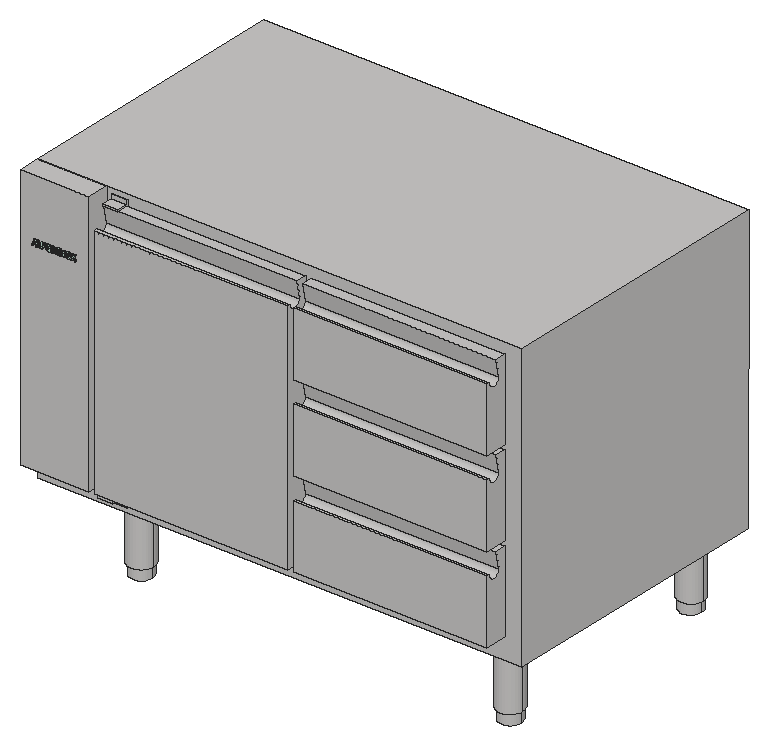
Revit family "QF_ALPENINOX_712614_AJ2R8AC", category Specialty Equipment, Revit 2018
Family settings
  Round Connector Dimension = Use Diameter
  Part Type = Normal
  Work Plane-Based = No
  Always vertical = Yes
  Cut with Voids When Loaded = No
  Shared = No
  Room Calculation Point = No
Parameters
  Weight = 0.00 kg
  Watts = 2.78709 W
  Volts = 220 V
  URL Manufacturer = "http://www.alpeninox.com"
  URL = "http://www.alpeninox.com"
  Steam Supply Size = 0 mm
  Steam Supply Minimum Pressure = 0.0 Pa
  Steam Supply Maximum Pressure = 0.0 Pa
  Steam Pounds per Hour = 0
  Refrigeration Suction Line Size = 0 mm
  Refrigeration Liquid Line Size = 0 mm
  Refrigerant Compressor Remote = yes
  Manufacturer = "Alpeninox"
  Phase = 1
  Model = "AJ2R8AC"
  Length Actual = 1103 mm  # constant formula
  Length = 1103 mm
  Item Number = "712614"
  Hot Water Size = 0 mm
  Height Actual = 800 mm  # constant formula
  Height = 650 mm
  HP = "0 HP"
  Gas Size = 0 mm
  Gas KW = 0
  Gas Input Pressure = 0 W
  Depth Actual = 700 mm  # constant formula
  Depth = 695 mm
  Description = "1 DOOR+3x1/3 DRAWER REF.TABLE -2C REM NO TOP"
  Cycle = 60 Hz
  Condensate Return Size = 0 mm
  Compressed Air Volume = 0.0 L/s
  Compressed Air Size = 0 mm
  Compressed Air Pressure = 0.0 Pa
  Cold Water Size = 0 mm
  Accessory = yes
Reference planes
  plane 1: z = 0
  plane 2 "Center (Left/Right)": x = -124.5
  plane 3 "Center (Front/Back)": y = 64.5
  plane 4 "FEET": z = 150
  plane 5 "TOP": z = 850
  plane 6 "PLAIN": z = 800
  plane 7 "EI_back": y = 359
  plane 8 "EI_left": x = -610
  plane 9 "BACK": y = 412
  plane 10 "FRONT": y = -283
  plane 11 "DOOR": y = -233
  plane 12 "LEFT": x = -676
  plane 13 "RIGHT": x = 427
  plane 14: x = -651
  plane 15: x = 402
  plane 16 "RO_left": x = -636
  plane 17 "RI_left": x = -584
  plane 18 "RO_back": y = 375.5
  plane 19 "RI_back": y = 375.5
  plane 20 "DRAINleft": x = -610
  plane 21 "DRAINback": y = 164
Forms (mm)
  Extrusion 1, solid, material "QF_Finishes_Stainless Steel"
    sketch origin (-1022.223, -1524, 150) x (-1, 0, 0) y (0, -1, 0)
      loop
        circle (-412.223, -1883) r 5
    from 0 to -40
  Extrusion 2, solid, material "QF_Finishes_Stainless Steel"
    sketch origin (-1022.223, -1524, 150) x (-1, 0, 0) y (0, -1, 0)
      loop
        circle (-386.223, -1899.5) r 4.25
    from 0 to -20
  Extrusion 3, solid, material "QF_Finishes_Stainless Steel"
    sketch origin (-1022.223, -1524, 150) x (-1, 0, 0) y (0, -1, 0)
      loop
        circle (-438.223, -1899.5) r 4
    from 0 to -20
  Extrusion 4, solid, material "QF_Finishes_Stainless Steel"
    sketch origin (-1022.223, -1524, 150) x (-1, 0, 0) y (0, -1, 0)
      loop
        circle (-412.223, -1688) r 8.5
    from 0 to -40
  Extrusion 5, solid, material "QF_Finishes_Stainless Steel"
    sketch origin (-1022.223, -1524, 150) x (-1, 0, 0) y (0, -1, 0)
      loop
        line (-346.223, -1936) -> (-346.223, -1291) -> (-1449.223, -1291) -> (-1449.223, -1936) -> (-346.223, -1936)
    from 0 to 650 <- "Height"
Lines and regions (mm)
  symbolic lines, style "SpecialityEquipmentHiddenLines"
    curve 1: line (-676, 412, 150) -> (427, 412, 150)
    curve 2: line (-676, -283, 150) -> (-676, 412, 150)
    curve 3: line (427, -283, 150) -> (-676, -283, 150)
    curve 4: line (427, 412, 150) -> (427, -283, 150)
    curve 5: line (-676, -233, 150) -> (427, -233, 150)
    curve 6: line (402, -233, 150) -> (402, -283, 150)
Dimensions and locks
  plane 4 "FEET" to level = 150 mm
  plane 11 "DOOR" to plane 10 "FRONT" = 50 mm
  "Height": plane 6 "PLAIN" to plane 4 "FEET"
  plane 5 "TOP" to plane 6 "PLAIN" = 50 mm
  plane 12 "LEFT" to plane 14 = 25 mm
  plane 15 to plane 13 "RIGHT" = 25 mm
  plane 9 "BACK" to plane 18 "RO_back" = 36.5 mm
  plane 9 "BACK" to plane 7 "EI_back" = 53 mm
  plane 9 "BACK" to plane 19 "RI_back" = 36.5 mm
  plane 9 "BACK" to plane 21 "DRAINback" = 248 mm
  plane 12 "LEFT" to plane 20 "DRAINleft" = 66 mm
  plane 12 "LEFT" to plane 8 "EI_left" = 66 mm
  plane 12 "LEFT" to plane 17 "RI_left" = 92 mm
  plane 12 "LEFT" to plane 16 "RO_left" = 40 mm
  "Depth": plane 9 "BACK" to plane 10 "FRONT"
  equal spacing: plane 9 "BACK", plane 3 "Center (Front/Back)", plane 10 "FRONT"
  "Length": plane 12 "LEFT" to plane 13 "RIGHT"
  equal spacing: plane 12 "LEFT", plane 2 "Center (Left/Right)", plane 13 "RIGHT"
  aligned and locked: level to plane 1
Automatic sketch dimensions
  Extrusion 1 sketch curve to plane 7 "EI_back" = 0 mm
  Extrusion 1 sketch curve to plane 8 "EI_left" = 0 mm
  Extrusion 2 sketch curve to plane 16 "RO_left" = 0 mm
  Extrusion 2 sketch curve to plane 18 "RO_back" = 0 mm
  Extrusion 3 sketch curve to plane 17 "RI_left" = 0 mm
  Extrusion 3 sketch curve to plane 19 "RI_back" = 0 mm
  Extrusion 4 sketch curve to plane 20 "DRAINleft" = 0 mm
  Extrusion 4 sketch curve to plane 21 "DRAINback" = 0 mm
  Extrusion 5 sketch curve to plane 9 "BACK" = 0 mm
  Extrusion 5 sketch curve to plane 13 "RIGHT" = 0 mm
  Extrusion 5 sketch curve to plane 11 "DOOR" = 0 mm
  Extrusion 5 sketch curve to plane 12 "LEFT" = 0 mm
  curve 1 to plane 13 "RIGHT" = 0 mm
  curve 6 to plane 15 = 0 mm
  curve 5 to plane 11 "DOOR" = 0 mm
  curve 5 to plane 12 "LEFT" = 0 mm
  curve 6 to plane 10 "FRONT" = 0 mm
  curve 1 to plane 9 "BACK" = 0 mm
  radius of Extrusion 1 sketch curve = 5 mm
  radius of Extrusion 2 sketch curve = 4.25 mm
  radius of Extrusion 3 sketch curve = 4 mm
  radius of Extrusion 4 sketch curve = 8.5 mm
Nested families
  nested 1: "Refrigerator" at (427, -283, 0), type "Refrigerator"
  nested 2: "FEET" at (-480, 331, 0), type "FEET"
  nested 3: "FEET" at (361, 331, 0), type "FEET"
  nested 4: "FEET" at (-480, -183, 0), type "FEET"
  nested 5: "FEET" at (361, -183, 0), type "FEET"
  nested 6: "APX_REM_TN_L_650" at (-519.08, -233, 548) x (1, 0, 0) z (0, -1, 0), type "APX_REM_TN_L_650"
    with Show Logo yes
  nested 7: "APX_SD_L_650" at (-286, -233, 458.88) x (1, 0, 0) z (0, -1, 0), type "APX_SD_L_650"
    with Show Clearance yes
  nested 8: "APX_THIRD_650" at (168, -233, 459.463) x (1, 0, 0) z (0, -1, 0), type "APX_THIRD_650"
    with Show Clearance yes
Connectors
  electrical at (-610, 359, 110), driven by "Volts"
    settings: on Extrusion 1, index 1, voltage 220 V, apparent load 0 VA, apparent load phase1 0 VA, apparent load phase2 0 VA, apparent load phase3 0 VA, power factor 1, load classification "Other", number of poles 1, system type 31, power factor state 1, is connector primary yes, connector utility no, sub classification motor no, connector description "Electrical Connection"
  piping at (-636, 375.5, 130)
    settings: on Extrusion 2, index 3, connector diameter 0 mm, connector inside diameter 609.6 mm, connector length 0 mm, flow factor 0, pipe flow 0.0 L/s, pressure drop 0.0 Pa, fitting loss kfactor 0, connector angle 0.00°, fixture units 0, engagement length 0 mm, angle of deflection 0.00°, flow configuration 1, flow direction 2, fitting loss method 0, system type 8, joint type 0, gender type 0, connector reference index -1, connector utility 0, adjustable connector no, is connector primary yes, connector description "Refrigerant Outlet"
  piping at (-584, 375.5, 130)
    settings: on Extrusion 3, index 4, connector diameter 0 mm, connector inside diameter 609.6 mm, connector length 0 mm, flow factor 0, pipe flow 0.0 L/s, pressure drop 0.0 Pa, fitting loss kfactor 0, connector angle 0.00°, fixture units 0, engagement length 0 mm, angle of deflection 0.00°, flow configuration 1, flow direction 1, fitting loss method 0, system type 7, joint type 0, gender type 0, connector reference index -1, connector utility 0, adjustable connector no, is connector primary no, connector description "Refrigerant Inlet"
  piping at (-610, 164, 110), diameter 17
    settings: on Extrusion 4, index 5, connector inside diameter 609.6 mm, connector length 0 mm, flow factor 0, pipe flow 0.0 L/s, pressure drop 0.0 Pa, fitting loss kfactor 0, connector angle 0.00°, fixture units 0, engagement length 0 mm, angle of deflection 0.00°, flow configuration 1, flow direction 2, fitting loss method 0, system type 16, joint type 0, gender type 0, connector reference index -1, connector utility 0, adjustable connector no, is connector primary no, connector description "Drain"
Definition of nested family "FEET"
  Parameters
    FEET = 150 mm
  Reference planes
    plane 1 "Center (Front/Back)": y = 0
    plane 2: z = 0
    plane 3 "Center (Left/Right)": x = 0
    plane 4: z = 150
  Forms (mm)
    Revolve 1, solid
      sketch origin (255.05, 0, 608.09) x (0, 0, 1) y (-1, 0, 0)
        loop
          line (-608.09, 255.05) -> (-608.09, 230.05) -> (-583.09, 230.05) -> (-583.09, 226.05) -> (-458.09, 226.05) -> (-458.09, 255.05) -> (-608.09, 255.05)
        axis (-608.09, 255.05) -> (-458.09, 255.05)
      angle from 0 to 360
  Dimensions and locks
    locked: Revolve 1 sketch curve to Revolve 1 sketch curve at 125
    "FEET": plane 4 to plane 2
    aligned and locked: level to plane 2
    aligned and locked: plane 4 to Revolve 1 sketch curve
    aligned and locked: Revolve 1 sketch curve to level
    aligned and locked: plane 3 "Center (Left/Right)" to Revolve 1 sketch curve
  Automatic sketch dimensions
    Revolve 1 sketch curve to plane 3 "Center (Left/Right)" = 0 mm
    Revolve 1 sketch curve to Revolve 1 sketch curve = 25 mm
    Revolve 1 sketch curve to Revolve 1 sketch curve = 29 mm
    plane 4 to Revolve 1 sketch curve = 50 mm
    Revolve 1 sketch curve to Revolve 1 sketch curve = 20 mm
Definition of nested family "APX_REM_TN_L_650"
  Parameters
    Show Logo [instance] = yes
    Default Elevation = 1219.2 mm
  Reference planes
    plane 1 "Centro (Fronte/Retro)": y = -49
    plane 2: z = 0
    plane 3 "Centro (Sinistra/Destra)": x = -78.92
  Forms (mm)
    Extrusion 1, solid
      sketch origin (0, 0, 0) x (1, 0, 0) y (0, 1, 0)
        loop
          line (-1219.2, 1219.2) -> (-1219.2, -1219.2) -> (1219.2, -1219.2) -> (1219.2, 1219.2) -> (-1219.2, 1219.2)
      from 0 to -304.8
    Extrusion 2, solid
      sketch origin (0, 0, 0) x (1, 0, 0) y (0, 1, 0)
        loop
          line (-156.92, 252) -> (-156.92, -350) -> (-0.92, -350) -> (-0.92, 252) -> (-156.92, 252)
      from 0 to 50
    Extrusion 3, solid
      sketch origin (43.141, -49.023, 0) x (1, 0, 0) y (0, 1, 0)
        loop
          line (-168.675, 170.349) -> (-172.411, 160.318)
          arc (-172.411, 160.318) -> (-171.624, 158.497) -> (-169.837, 159.36) r 1.374
          line (-169.837, 159.36) -> (-169.268, 161.111) -> (-164.1, 161.111) -> (-163.54, 159.379)
          arc (-163.54, 159.379) -> (-161.802, 158.542) -> (-161.049, 160.318) r 1.333
          line (-161.049, 160.318) -> (-164.694, 170.349)
          arc (-164.694, 170.349) -> (-166.685, 171.876) -> (-168.675, 170.349) r 2.06
        loop
          line (-166.681, 169.055) -> (-168.469, 163.655) -> (-164.935, 163.655) -> (-166.681, 169.055)
        loop
          arc (-159.705, 160.042) -> (-159.262, 158.973) -> (-158.194, 158.531) r 1.512
          line (-158.194, 158.531) -> (-153.608, 158.531)
          arc (-153.608, 158.531) -> (-152.337, 159.802) -> (-153.608, 161.074) r 1.272
          line (-153.608, 161.074) -> (-156.917, 161.074) -> (-156.917, 170.328)
          arc (-156.917, 170.328) -> (-158.311, 171.722) -> (-159.705, 170.328) r 1.394
          line (-159.705, 170.328) -> (-159.705, 160.042)
        loop
          line (-151.076, 170.218) -> (-151.076, 159.859)
          arc (-151.076, 159.859) -> (-149.683, 158.466) -> (-148.29, 159.859) r 1.393
          line (-148.29, 159.859) -> (-148.29, 162.882) -> (-146.225, 162.882)
          arc (-146.225, 162.882) -> (-142.999, 163.859) -> (-141.608, 166.928) r 4.082
          arc (-141.608, 166.928) -> (-142.993, 170.272) -> (-146.336, 171.657) r 4.728
          line (-146.336, 171.657) -> (-149.638, 171.657)
          arc (-149.638, 171.657) -> (-150.655, 171.235) -> (-151.076, 170.218) r 1.439
        loop
          line (-148.29, 165.313) -> (-146.388, 165.313)
          arc (-146.388, 165.313) -> (-144.433, 167.268) -> (-146.388, 169.222) r 1.955
          line (-146.388, 169.222) -> (-148.29, 169.222) -> (-148.29, 165.313)
        loop
          arc (-131.184, 166.332) -> (-132.004, 168.2) -> (-133.767, 169.228) r 3.3
          arc (-133.767, 169.228) -> (-136.353, 168.661) -> (-137.611, 166.332) r 3.176
          line (-137.611, 166.332) -> (-131.184, 166.332)
        loop
          line (-137.538, 163.743) -> (-130.544, 163.743)
          arc (-130.544, 163.743) -> (-129.292, 163.916) -> (-128.301, 164.701) r 2.4
          arc (-128.301, 164.701) -> (-128.155, 165.545) -> (-128.212, 166.399) r 3.635
          arc (-128.212, 166.399) -> (-130.364, 170.162) -> (-134.39, 171.769) r 6.579
          arc (-134.39, 171.769) -> (-138.918, 169.706) -> (-140.661, 165.044) r 6.501
          arc (-140.661, 165.044) -> (-139.276, 160.789) -> (-135.401, 158.549) r 6.252
          arc (-135.401, 158.549) -> (-132.922, 158.526) -> (-130.544, 159.232) r 8.361
          arc (-130.544, 159.232) -> (-129.466, 159.781) -> (-128.641, 160.666) r 3.486
          arc (-128.641, 160.666) -> (-128.419, 161.592) -> (-128.828, 162.451) r 1.425
          arc (-128.828, 162.451) -> (-129.368, 162.762) -> (-129.99, 162.762) r 1.203
          arc (-129.99, 162.762) -> (-130.406, 162.59) -> (-130.764, 162.316) r 1.724
          arc (-130.764, 162.316) -> (-131.666, 161.705) -> (-132.646, 161.229) r 7.6
          arc (-132.646, 161.229) -> (-135.676, 161.35) -> (-137.538, 163.743) r 3.6
        loop
          line (-126.669, 170.328) -> (-126.669, 159.859)
          arc (-126.669, 159.859) -> (-125.273, 158.463) -> (-123.878, 159.859) r 1.396
          line (-123.878, 159.859) -> (-123.878, 166.785) -> (-117.946, 159.029)
          arc (-117.946, 159.029) -> (-116.361, 158.51) -> (-115.379, 159.859) r 1.417
          line (-115.379, 159.859) -> (-115.379, 170.328)
          arc (-115.379, 170.328) -> (-116.774, 171.723) -> (-118.169, 170.328) r 1.395
          line (-118.169, 170.328) -> (-118.169, 163.311) -> (-124.101, 171.157)
          arc (-124.101, 171.157) -> (-125.687, 171.678) -> (-126.669, 170.328) r 1.418
        loop
          arc (-113.636, 159.859) -> (-112.241, 158.464) -> (-110.847, 159.859) r 1.394
          line (-110.847, 159.859) -> (-110.847, 170.328)
          arc (-110.847, 170.328) -> (-112.241, 171.723) -> (-113.636, 170.328) r 1.394
          line (-113.636, 170.328) -> (-113.636, 159.859)
        loop
          line (-109.102, 170.328) -> (-109.102, 159.859)
          arc (-109.102, 159.859) -> (-107.706, 158.463) -> (-106.31, 159.859) r 1.396
          line (-106.31, 159.859) -> (-106.31, 166.785) -> (-100.378, 159.029)
          arc (-100.378, 159.029) -> (-98.793, 158.51) -> (-97.812, 159.859) r 1.417
          line (-97.812, 159.859) -> (-97.812, 170.328)
          arc (-97.812, 170.328) -> (-99.207, 171.723) -> (-100.602, 170.328) r 1.395
          line (-100.602, 170.328) -> (-100.602, 163.311) -> (-106.533, 171.157)
          arc (-106.533, 171.157) -> (-108.119, 171.678) -> (-109.102, 170.328) r 1.418
        loop
          arc (-96.345, 165.093) -> (-95.619, 161.877) -> (-93.467, 159.379) r 6.806
          arc (-93.467, 159.379) -> (-91.792, 158.566) -> (-89.948, 158.31) r 5.956
          arc (-89.948, 158.31) -> (-88.104, 158.566) -> (-86.43, 159.379) r 5.956
          arc (-86.43, 159.379) -> (-84.277, 161.877) -> (-83.551, 165.093) r 6.806
          arc (-83.551, 165.093) -> (-84.277, 168.31) -> (-86.43, 170.808) r 6.806
          arc (-86.43, 170.808) -> (-88.104, 171.621) -> (-89.948, 171.877) r 5.956
          arc (-89.948, 171.877) -> (-91.792, 171.621) -> (-93.467, 170.808) r 5.956
          arc (-93.467, 170.808) -> (-95.619, 168.31) -> (-96.345, 165.093) r 6.806
        loop
          arc (-93.425, 165.093) -> (-93.138, 163.212) -> (-92.081, 161.629) r 4.387
          arc (-92.081, 161.629) -> (-91.087, 161.049) -> (-89.948, 160.881) r 3.035
          arc (-89.948, 160.881) -> (-88.809, 161.049) -> (-87.815, 161.629) r 3.035
          arc (-87.815, 161.629) -> (-86.759, 163.212) -> (-86.472, 165.093) r 4.387
          arc (-86.472, 165.093) -> (-86.759, 166.975) -> (-87.815, 168.558) r 4.387
          arc (-87.815, 168.558) -> (-88.809, 169.138) -> (-89.948, 169.306) r 3.035
          arc (-89.948, 169.306) -> (-91.087, 169.138) -> (-92.081, 168.558) r 3.035
          arc (-92.081, 168.558) -> (-93.138, 166.975) -> (-93.425, 165.093) r 4.387
        loop
          line (-82.843, 169.609) -> (-79.829, 165.552) -> (-83.513, 160.652)
          arc (-83.513, 160.652) -> (-83.216, 158.692) -> (-81.262, 159.029) r 1.388
          line (-81.262, 159.029) -> (-78.213, 163.232) -> (-75.164, 159.029)
          arc (-75.164, 159.029) -> (-73.211, 158.692) -> (-72.913, 160.652) r 1.388
          line (-72.913, 160.652) -> (-76.597, 165.552) -> (-73.584, 169.609)
          arc (-73.584, 169.609) -> (-73.952, 171.597) -> (-75.908, 171.084) r 1.38
          line (-75.908, 171.084) -> (-78.213, 167.841) -> (-80.519, 171.084)
          arc (-80.519, 171.084) -> (-82.474, 171.597) -> (-82.843, 169.609) r 1.38
      from 50 to 51.6
  Lines and regions (mm)
    Split face 1
      outline origin (0, 0, 50) x (1, 0, 0) y (0, 1, 0)
        loop
          line (-0.92, 188) -> (-156.92, 188)
    Split face 2
      outline origin (0, 0, 50) x (1, 0, 0) y (0, 1, 0)
        loop
          line (-156.92, 178) -> (-0.92, 178)
    Split face 3
      outline origin (0, 0, 50) x (1, 0, 0) y (0, 1, 0)
        loop
          line (-0.92, 104) -> (-156.92, 104)
    Split face 4
      outline origin (0, 0, 50) x (1, 0, 0) y (0, 1, 0)
        loop
          line (-0.92, 94) -> (-156.92, 94)
    Split face 5
      outline origin (0, 0, 50) x (1, 0, 0) y (0, 1, 0)
        loop
          line (-108.92, 163.931) -> (-108.92, 134.412) -> (-48.92, 134.412) -> (-48.92, 163.931) -> (-108.92, 163.931)
    Split face 6
      outline origin (0, 0, 50) x (1, 0, 0) y (0, 1, 0)
        loop
          line (-68.92, 160.931) -> (-68.92, 137.412) -> (-51.92, 137.412) -> (-51.92, 160.931) -> (-68.92, 160.931)
    symbolic lines
      curve 1: line (-2, -49, 50) -> (-2, -49, 0)
  Dimensions and locks
    equal spacing: Extrusion 2, plane 3 "Centro (Sinistra/Destra)", Extrusion 2
    equal spacing: Extrusion 2, plane 1 "Centro (Fronte/Retro)", Extrusion 2
    Extrusion 2 to Extrusion 2 = 156 mm
    aligned and locked: plane 2 to Extrusion 1
    aligned and locked: level to Extrusion 1
  Automatic sketch dimensions
    curve 1 to level = 0 mm
    plane 3 "Centro (Sinistra/Destra)" to curve 1 = 76.92 mm
    curve 1 to curve 1 = 50 mm
    Extrusion 1 sketch curve to Extrusion 1 sketch curve = 2438.4 mm  (x2)
    Extrusion 2 sketch curve to plane 3 "Centro (Sinistra/Destra)" = 78 mm
    plane 3 "Centro (Sinistra/Destra)" to Extrusion 2 sketch curve = 78 mm
    plane 1 "Centro (Fronte/Retro)" to Extrusion 2 sketch curve = 301 mm
    Extrusion 2 sketch curve to plane 1 "Centro (Fronte/Retro)" = 301 mm
    Extrusion 3 sketch curve to plane 3 "Centro (Sinistra/Destra)" = 50.35 mm
    Extrusion 3 sketch curve to Extrusion 3 sketch curve = 1.266 mm
    Extrusion 3 sketch curve to Extrusion 3 sketch curve = 1.307 mm
    Extrusion 3 sketch curve to Extrusion 3 sketch curve = 0.57 mm
    Extrusion 3 sketch curve to Extrusion 3 sketch curve = 0.593 mm
    Extrusion 3 sketch curve to Extrusion 3 sketch curve = 0.799 mm
    Extrusion 3 sketch curve to Extrusion 3 sketch curve = 1.99 mm  (x2)
    Extrusion 3 sketch curve to Extrusion 3 sketch curve = 0.003 mm
    Extrusion 3 sketch curve to Extrusion 3 sketch curve = 3.534 mm
    Extrusion 3 sketch curve to Extrusion 3 sketch curve = 0.835 mm
    Extrusion 3 sketch curve to Extrusion 3 sketch curve = 0.56 mm
    Extrusion 3 sketch curve to Extrusion 3 sketch curve = 1.268 mm
    Extrusion 3 sketch curve to Extrusion 3 sketch curve = 1.223 mm
    Extrusion 3 sketch curve to Extrusion 3 sketch curve = 1.344 mm
    Extrusion 3 sketch curve to Extrusion 3 sketch curve = 1.394 mm  (x2)
    Extrusion 3 sketch curve to Extrusion 3 sketch curve = 1.512 mm
    Extrusion 3 sketch curve to Extrusion 3 sketch curve = 3.309 mm
    Extrusion 3 sketch curve to Extrusion 3 sketch curve = 5.841 mm
    Extrusion 3 sketch curve to Extrusion 3 sketch curve = 1.393 mm
    Extrusion 3 sketch curve to Extrusion 3 sketch curve = 1.439 mm
    Extrusion 3 sketch curve to Extrusion 3 sketch curve = 0 mm  (x19)
    Extrusion 3 sketch curve to Extrusion 3 sketch curve = 1.902 mm
    Extrusion 3 sketch curve to Extrusion 3 sketch curve = 0.052 mm
    Extrusion 3 sketch curve to Extrusion 3 sketch curve = 2.065 mm
    Extrusion 3 sketch curve to Extrusion 3 sketch curve = 0.647 mm
    Extrusion 3 sketch curve to Extrusion 3 sketch curve = 8.079 mm
    Extrusion 3 sketch curve to Extrusion 3 sketch curve = 0.073 mm
    Extrusion 3 sketch curve to Extrusion 3 sketch curve = 2.145 mm
    Extrusion 3 sketch curve to Extrusion 3 sketch curve = 2.931 mm
    Extrusion 3 sketch curve to Extrusion 3 sketch curve = 0.213 mm
    Extrusion 3 sketch curve to Extrusion 3 sketch curve = 0.026 mm
    Extrusion 3 sketch curve to Extrusion 3 sketch curve = 0.263 mm
    Extrusion 3 sketch curve to Extrusion 3 sketch curve = 0.516 mm
    Extrusion 3 sketch curve to Extrusion 3 sketch curve = 0.356 mm
    Extrusion 3 sketch curve to Extrusion 3 sketch curve = 0.387 mm
    Extrusion 3 sketch curve to Extrusion 3 sketch curve = 2.378 mm
    Extrusion 3 sketch curve to Extrusion 3 sketch curve = 2.466 mm
    Extrusion 3 sketch curve to Extrusion 3 sketch curve = 0.602 mm
    Extrusion 3 sketch curve to Extrusion 3 sketch curve = 1.02 mm
    Extrusion 3 sketch curve to Extrusion 3 sketch curve = 0.949 mm
    Extrusion 3 sketch curve to Extrusion 3 sketch curve = 1.728 mm
    Extrusion 3 sketch curve to Extrusion 3 sketch curve = 0.157 mm  (x2)
    Extrusion 3 sketch curve to Extrusion 3 sketch curve = 0.292 mm
    Extrusion 3 sketch curve to plane 3 "Centro (Sinistra/Destra)" = 4.608 mm
    Extrusion 3 sketch curve to Extrusion 3 sketch curve = 1.396 mm  (x2)
    Extrusion 3 sketch curve to Extrusion 3 sketch curve = 1.418 mm  (x2)
    Extrusion 3 sketch curve to Extrusion 3 sketch curve = 1.151 mm  (x2)
    plane 3 "Centro (Sinistra/Destra)" to Extrusion 3 sketch curve = 3.891 mm
    plane 3 "Centro (Sinistra/Destra)" to Extrusion 3 sketch curve = 4.115 mm
    Extrusion 3 sketch curve to Extrusion 3 sketch curve = 1.149 mm  (x2)
    Extrusion 3 sketch curve to Extrusion 3 sketch curve = 1.395 mm  (x2)
    Extrusion 3 sketch curve to Extrusion 3 sketch curve = 1.744 mm
    Extrusion 3 sketch curve to Extrusion 3 sketch curve = 1.745 mm
    Extrusion 3 sketch curve to Extrusion 3 sketch curve = 5.709 mm
    Extrusion 3 sketch curve to Extrusion 3 sketch curve = 0.224 mm
    Extrusion 3 sketch curve to Extrusion 3 sketch curve = 6.963 mm
    Extrusion 3 sketch curve to Extrusion 3 sketch curve = 0.493 mm  (x3)
    Extrusion 3 sketch curve to Extrusion 3 sketch curve = 0.273 mm  (x2)
    Extrusion 3 sketch curve to Extrusion 3 sketch curve = 0.021 mm  (x2)
    Extrusion 3 sketch curve to Extrusion 3 sketch curve = 0.226 mm  (x2)
    Extrusion 3 sketch curve to Extrusion 3 sketch curve = 0.268 mm  (x2)
    Extrusion 3 sketch curve to Extrusion 3 sketch curve = 0.294 mm
    Extrusion 3 sketch curve to Extrusion 3 sketch curve = 5.534 mm
    Extrusion 3 sketch curve to Extrusion 3 sketch curve = 6.205 mm
    Extrusion 3 sketch curve to Extrusion 3 sketch curve = 1.109 mm  (x2)
    Extrusion 3 sketch curve to Extrusion 3 sketch curve = 1.108 mm  (x2)
    Extrusion 3 sketch curve to Extrusion 3 sketch curve = 1.142 mm  (x2)
    Extrusion 3 sketch curve to Extrusion 3 sketch curve = 1.216 mm  (x2)
    Extrusion 3 sketch curve to Extrusion 3 sketch curve = 3.013 mm
    Extrusion 3 sketch curve to Extrusion 3 sketch curve = 1.616 mm  (x3)
    Extrusion 3 sketch curve to Extrusion 3 sketch curve = 2.305 mm
    Extrusion 3 sketch curve to Extrusion 3 sketch curve = 3.049 mm
    Extrusion 3 sketch curve to plane 1 "Centro (Fronte/Retro)" = 158.508 mm
    Extrusion 3 sketch curve to Extrusion 3 sketch curve = 0.498 mm
    Extrusion 3 sketch curve to Extrusion 3 sketch curve = 0.682 mm
    Extrusion 3 sketch curve to Extrusion 3 sketch curve = 0.664 mm
    Extrusion 3 sketch curve to Extrusion 3 sketch curve = 0.425 mm
    Extrusion 3 sketch curve to Extrusion 3 sketch curve = 0.41 mm
    Extrusion 3 sketch curve to Extrusion 3 sketch curve = 1.272 mm
    Extrusion 3 sketch curve to Extrusion 3 sketch curve = 0.789 mm  (x2)
    Extrusion 3 sketch curve to Extrusion 3 sketch curve = 0.056 mm
    Extrusion 3 sketch curve to Extrusion 3 sketch curve = 0.83 mm
    Extrusion 3 sketch curve to Extrusion 3 sketch curve = 1.238 mm
    Extrusion 3 sketch curve to Extrusion 3 sketch curve = 1.732 mm
    Extrusion 3 sketch curve to Extrusion 3 sketch curve = 0.346 mm
    Extrusion 3 sketch curve to Extrusion 3 sketch curve = 1.123 mm
    Extrusion 3 sketch curve to Extrusion 3 sketch curve = 3.023 mm
    Extrusion 3 sketch curve to Extrusion 3 sketch curve = 4.203 mm
    Extrusion 3 sketch curve to Extrusion 3 sketch curve = 3.452 mm  (x2)
    Extrusion 3 sketch curve to Extrusion 3 sketch curve = 2.544 mm
    Extrusion 3 sketch curve to Extrusion 3 sketch curve = 1.177 mm
    Extrusion 3 sketch curve to Extrusion 3 sketch curve = 3.261 mm
    Extrusion 3 sketch curve to Extrusion 3 sketch curve = 0.352 mm  (x2)
    Extrusion 3 sketch curve to Extrusion 3 sketch curve = 1.987 mm
    Extrusion 3 sketch curve to Extrusion 3 sketch curve = 0.171 mm
    Extrusion 3 sketch curve to Extrusion 3 sketch curve = 0.533 mm  (x3)
    Extrusion 3 sketch curve to Extrusion 3 sketch curve = 0.14 mm  (x4)
    Extrusion 3 sketch curve to Extrusion 3 sketch curve = 0.473 mm
    Extrusion 3 sketch curve to Extrusion 3 sketch curve = 0.31 mm  (x2)
    Extrusion 3 sketch curve to Extrusion 3 sketch curve = 0.075 mm
    Extrusion 3 sketch curve to Extrusion 3 sketch curve = 2.431 mm
    Extrusion 3 sketch curve to Extrusion 3 sketch curve = 2.32 mm  (x2)
    Extrusion 3 sketch curve to Extrusion 3 sketch curve = 1.992 mm
    Extrusion 3 sketch curve to Extrusion 3 sketch curve = 0.674 mm
    Extrusion 3 sketch curve to Extrusion 3 sketch curve = 0.732 mm
    Extrusion 3 sketch curve to Extrusion 3 sketch curve = 0.388 mm
    Extrusion 3 sketch curve to Extrusion 3 sketch curve = 0.121 mm
    Extrusion 3 sketch curve to Extrusion 3 sketch curve = 2.589 mm
    Extrusion 3 sketch curve to Extrusion 3 sketch curve = 0.662 mm
    Extrusion 3 sketch curve to Extrusion 3 sketch curve = 3.473 mm
    Extrusion 3 sketch curve to Extrusion 3 sketch curve = 0.681 mm
    Extrusion 3 sketch curve to Extrusion 3 sketch curve = 1.615 mm
    Extrusion 3 sketch curve to Extrusion 3 sketch curve = 0.34 mm
    Extrusion 3 sketch curve to Extrusion 3 sketch curve = 2.288 mm
    Extrusion 3 sketch curve to Extrusion 3 sketch curve = 0.942 mm
    Extrusion 3 sketch curve to Extrusion 3 sketch curve = 5.4 mm
    Extrusion 3 sketch curve to Extrusion 3 sketch curve = 1.768 mm  (x2)
    Extrusion 3 sketch curve to Extrusion 3 sketch curve = 0.761 mm
    Extrusion 3 sketch curve to Extrusion 3 sketch curve = 0.996 mm
    Extrusion 3 sketch curve to Extrusion 3 sketch curve = 3.543 mm  (x2)
    Extrusion 3 sketch curve to Extrusion 3 sketch curve = 7.017 mm
    Extrusion 3 sketch curve to Extrusion 3 sketch curve = 0.11 mm
    Extrusion 3 sketch curve to Extrusion 3 sketch curve = 0.823 mm  (x2)
    Extrusion 3 sketch curve to Extrusion 3 sketch curve = 0.947 mm
    Extrusion 3 sketch curve to Extrusion 3 sketch curve = 3.837 mm
    Extrusion 3 sketch curve to Extrusion 3 sketch curve = 0.623 mm
    Extrusion 3 sketch curve to Extrusion 3 sketch curve = 1.082 mm
    Extrusion 3 sketch curve to Extrusion 3 sketch curve = 0.801 mm
    Extrusion 3 sketch curve to Extrusion 3 sketch curve = 1 mm
    Extrusion 3 sketch curve to Extrusion 3 sketch curve = 0.089 mm
    Extrusion 3 sketch curve to Extrusion 3 sketch curve = 4.257 mm
    Extrusion 3 sketch curve to Extrusion 3 sketch curve = 4.345 mm  (x2)
    Extrusion 3 sketch curve to Extrusion 3 sketch curve = 2.576 mm
    Extrusion 3 sketch curve to Extrusion 3 sketch curve = 1.385 mm  (x4)
    Extrusion 3 sketch curve to Extrusion 3 sketch curve = 2.133 mm  (x4)
    Extrusion 3 sketch curve to Extrusion 3 sketch curve = 3.518 mm
    Extrusion 3 sketch curve to Extrusion 3 sketch curve = 5.603 mm
    Extrusion 3 sketch curve to Extrusion 3 sketch curve = 2.571 mm
    Split face 1 sketch curve to Extrusion 2 = 0 mm  (x2)
    Split face 1 sketch curve to Extrusion 2 = 64 mm
    Split face 2 sketch curve to Extrusion 2 = 0 mm
    Split face 2 sketch curve to Extrusion 2 = 74 mm
    Extrusion 2 to Split face 2 sketch curve = 0 mm
    Split face 3 sketch curve to Extrusion 2 = 0 mm  (x2)
    Split face 3 sketch curve to Extrusion 2 = 148 mm
    Split face 4 sketch curve to Extrusion 2 = 0 mm  (x2)
    Split face 4 sketch curve to Extrusion 2 = 158 mm
    Split face 5 sketch curve to Extrusion 2 = 48 mm  (x2)
    Split face 5 sketch curve to Extrusion 2 = 117.588 mm
    Split face 5 sketch curve to Split face 5 sketch curve = 29.518 mm
    Split face 6 sketch curve to Extrusion 2 = 68 mm
    Split face 6 sketch curve to Split face 6 sketch curve = 17 mm
    Split face 6 sketch curve to Extrusion 2 = 114.588 mm
    Split face 6 sketch curve to Split face 6 sketch curve = 23.518 mm
Definition of nested family "APX_SD_L_650"
  Parameters
    Show Clearance [instance] = yes
    Default Elevation = 1219.2 mm
  Reference planes
    plane 1 "Center (Front/Back)": y = 28.12
    plane 2: z = 0
    plane 3 "Center (Left/Right)": x = 0
    plane 4: x = -234
    plane 5: x = 234
  Forms (mm)
    Extrusion 1, solid
      sketch origin (0, 0, 0) x (1, 0, 0) y (0, 1, 0)
        loop
          line (-1219.2, 1219.2) -> (-1219.2, -1219.2) -> (1219.2, -1219.2) -> (1219.2, 1219.2) -> (-1219.2, 1219.2)
      from 0 to -304.8
    Extrusion 2, solid
      sketch origin (0, 53.12, -3) x (0, 1, 0) y (0, 0, 1)
        loop
          line (-314, 53) -> (-314, 3) -> (264, 3) -> (264, 29) -> (224.395, 20)
          arc (224.395, 20) -> (210.396, 33.803) -> (224, 47.994) r 14
          line (224, 47.994) -> (224, 53) -> (-314, 53)
      from -220 to 220
    Extrusion 3, solid
      sketch origin (0, 53.12, 0) x (0, 1, 0) y (0, 0, -1)
        loop
          line (-323.003, -40.312) -> (-323.003, -12.259) -> (-323.003, 0) -> (-351.511, 0) -> (-351.511, -2.5) -> (-325.503, -2.5) -> (-325.503, -42.812) -> (-316.501, -42.812) -> (-316.501, -40.312) -> (-323.003, -40.312)
        loop
          line (-314, -38.311) -> (-314, -11.804) -> (-319.752, -11.804) -> (-319.752, -14.304) -> (-316.501, -14.304) -> (-316.501, -38.311) -> (-314, -38.311)
        loop
          line (265.003, -27.948) -> (267.503, -27.948) -> (267.503, -2.5) -> (277.503, -2.5) -> (277.503, 0) -> (265.003, 0) -> (265.003, -2.948) -> (265.003, -27.948)
      from 185 to 220
    Extrusion 4, solid, visible <- "Show Clearance", detail levels coarse
      sketch origin (0, 28.12, -3) x (-1, 0, 0) y (0, 0, -1)
        loop
          line (220, -53) -> (-220, -53)
          arc (-220, -53) -> (-79.636, -340.04) -> (220, -451) r 430
          line (220, -451) -> (220, -53)
      from -289 to 289
  Lines and regions (mm)
    symbolic lines
      curve 1: arc (219.599, 0, 55) -> (95.934, 0, 321.503) -> (-170, 0, 446.39) r 430
      curve 2: line (-220, 0, 55) -> (-220, 0, 448)
      curve 3: line (-170, 0, 55) -> (-170, 0, 448)
      curve 4: line (-220, 0, 448) -> (-170, 0, 448)
  Dimensions and locks
    plane 4 to plane 3 "Center (Left/Right)" to plane 5 = 234 mm locked, 234 mm locked
    aligned and locked: plane 2 to Extrusion 1
    aligned and locked: level to Extrusion 1
Definition of nested family "APX_THIRD_650"
  Parameters
    Show Clearance [instance] = yes
    Default Elevation = 1219.2 mm
  Reference planes
    plane 1 "Center (Front/Back)": y = 27.537
    plane 2: z = 0
    plane 3 "Center (Left/Right)": x = 0
    plane 4: x = -234
    plane 5: x = 234
    plane 6: z = 618
  Forms (mm)
    Extrusion 1, solid
      sketch origin (0, 0, 0) x (1, 0, 0) y (0, 1, 0)
        loop
          line (-1219.2, 1219.2) -> (-1219.2, -1219.2) -> (1219.2, -1219.2) -> (1219.2, 1219.2) -> (-1219.2, 1219.2)
      from 0 to -304.8
    Extrusion 2, solid
      sketch origin (0, 0, 0) x (0, 1, 0) y (0, 0, 1)
        loop
          line (316.537, 0) -> (316.537, 26) -> (276.931, 17)
          arc (276.931, 17) -> (262.931, 31) -> (276.931, 45) r 14
          line (276.931, 45) -> (276.931, 50) -> (130.877, 50) -> (130.877, 0) -> (316.537, 0)
        loop
          line (-75.793, 0) -> (-75.793, 26) -> (-115.399, 17)
          arc (-115.399, 17) -> (-129.399, 31) -> (-115.399, 45) r 14
          line (-115.399, 45) -> (-115.399, 50) -> (-261.463, 50) -> (-261.463, 0) -> (-75.793, 0)
        loop
          line (120.877, 0) -> (120.877, 26) -> (81.271, 17)
          arc (81.271, 17) -> (67.271, 31) -> (81.271, 45) r 14
          line (81.271, 45) -> (81.271, 50) -> (-65.793, 50) -> (-65.793, 0) -> (120.877, 0)
      from -220 to 220
    Extrusion 3, solid, visible <- "Show Clearance", detail levels coarse
      sketch origin (0, 0, 512) x (0, 1, 0) y (0, 0, 1)
        loop
          line (-261.463, 106) -> (-261.463, -462) -> (-75.793, -462) -> (-75.793, 82) -> (-115.399, 73)
          arc (-115.399, 73) -> (-129.399, 87) -> (-115.399, 101) r 14
          line (-115.399, 101) -> (-115.399, 106) -> (-261.463, 106)
        loop
          line (-65.793, 106) -> (-65.793, -462) -> (120.877, -462) -> (120.877, 82) -> (81.271, 73)
          arc (81.271, 73) -> (67.271, 87) -> (81.271, 101) r 14
          line (81.271, 101) -> (81.271, 106) -> (-65.793, 106)
        loop
          line (130.877, 106) -> (130.877, -462) -> (316.537, -462) -> (316.537, 82) -> (276.931, 73)
          arc (276.931, 73) -> (262.931, 87) -> (276.931, 101) r 14
          line (276.931, 101) -> (276.931, 106) -> (130.877, 106)
      from -220 to 220
  Lines and regions (mm)
    symbolic lines
      curve 1: line (220, 0, 140) -> (-220, 0, 140)
      curve 2: line (220, 0, 175) -> (-220, 0, 175)
      curve 3: line (220, 0, 260) -> (-220, 0, 260)
      curve 4: line (220, 0, 295) -> (-220, 0, 295)
      curve 5: line (220, 0, 380) -> (-220, 0, 380)
      curve 6: line (220, 0, 415) -> (-220, 0, 415)
      curve 7: line (220, 0, 415) -> (220, 0, 380)
      curve 8: line (-220, 0, 415) -> (-220, 0, 380)
      curve 9: line (-220, 0, 295) -> (-220, 0, 260)
      curve 10: line (220, 0, 295) -> (220, 0, 260)
      curve 11: line (220, 0, 175) -> (220, 0, 140)
      curve 12: line (-220, 0, 175) -> (-220, 0, 140)
      curve 13: line (190, 0, 295) -> (190, 0, 380)
      curve 14: line (-190, 0, 295) -> (-190, 0, 380)
      curve 15: line (190, 0, 175) -> (190, 0, 260)
      curve 16: line (-190, 0, 175) -> (-190, 0, 260)
      curve 17: line (190, 0, 55) -> (190, 0, 140)
      curve 18: line (-190, 0, 55) -> (-190, 0, 140)
  Dimensions and locks
    plane 4 to plane 3 "Center (Left/Right)" to plane 5 = 234 mm locked, 234 mm locked
    plane 6 to level = 618 mm
    aligned and locked: plane 2 to Extrusion 1
    aligned and locked: level to Extrusion 1
Definition of nested family "Refrigerator"
  Reference planes
    plane 1 "Center (Front/Back)": y = 0
    plane 2: z = 0
    plane 3 "Center (Left/Right)": x = 0
  Lines and regions (mm)
    detail lines, in view "Ref. Level"
      curve 1: spline (-500, 190, 0) -> (-493.185, 166.706, 0) -> (-473.205, 145, 0) -> (-441.421, 126.36, 0) -> (-400, 112.058, 0) -> (-351.764, 103.067, 0) -> (-300, 100, 0) -> (-248.236, 103.067, 0) -> (-200, 112.058, 0) -> (-158.579, 126.36, 0) -> (-126.795, 145, 0) -> (-106.815, 166.706, 0) -> (-100, 190, 0) -> (-106.815, 213.294, 0) -> (-126.795, 235, 0) -> (-158.579, 253.64, 0) -> (-200, 267.942, 0) -> (-248.236, 276.933, 0) -> (-300, 280, 0) -> (-351.764, 276.933, 0) -> (-400, 267.942, 0) -> (-441.421, 253.64, 0) -> (-473.205, 235, 0) -> (-493.185, 213.294, 0) -> (-500, 190, 0)
      curve 2: line (-300, 130, 0) -> (-300, 250, 0)
      curve 3: line (-351.962, 220, 0) -> (-248.038, 160, 0)
      curve 4: line (-351.962, 160, 0) -> (-248.038, 220, 0)
      curve 5: line (-280.884, 246.873, 0) -> (-300, 225, 0)
      curve 6: line (-300, 225, 0) -> (-319.116, 246.873, 0)
      curve 7: line (-330.311, 207.5, 0) -> (-339.696, 234.992, 0)
      curve 8: line (-358.812, 201.882, 0) -> (-330.311, 207.5, 0)
      curve 9: line (-330.311, 172.5, 0) -> (-358.812, 178.118, 0)
      curve 10: line (-339.696, 145.008, 0) -> (-330.311, 172.5, 0)
      curve 11: line (-300, 155, 0) -> (-319.116, 133.127, 0)
      curve 12: line (-280.884, 133.127, 0) -> (-300, 155, 0)
      curve 13: line (-269.689, 172.5, 0) -> (-260.304, 145.008, 0)
      curve 14: line (-241.188, 178.118, 0) -> (-269.689, 172.5, 0)
      curve 15: line (-269.689, 207.5, 0) -> (-241.188, 201.882, 0)
      curve 16: line (-260.304, 234.992, 0) -> (-269.689, 207.5, 0)
